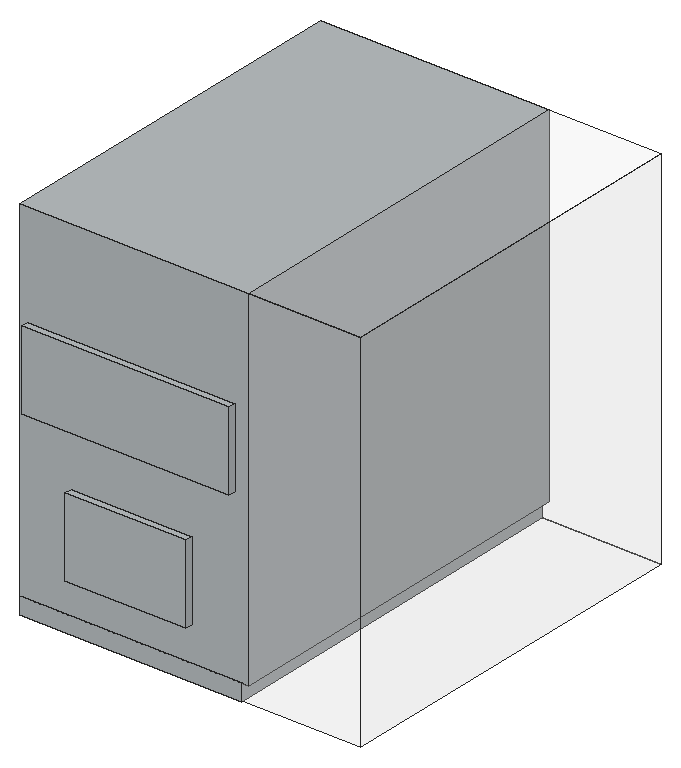
Revit family "lp-500x4-50_50Hz", category 機械設備, Revit 2019
Family settings
  丸型コネクタ寸法 = 直径を使用
  パーツ タイプ = 標準
  OmniClass 番号 = 23.75.10.34.21
  OmniClass タイトル = Heat Exchangers for Ventilation Air
  作業面ベース = いいえ
  常に垂直 = はい
  ロード時にボイドで切り取り = いいえ
  共有 = いいえ
  部屋計算ポイント = はい
Parameters (values of type "LP-500X4-50")
  騒音レベル(dB(A)) = 57.5
  風量 = 5000.0 m³/h
  面風速 = 5.17 m/s
  電源種別 [instance] = ""
  電圧 = 200 V
  電動機出力 = 3.7 W
  集中コントローラ = ""
  運転質量 = 0.00 kg
  連動 [instance] = ""
  質量 = if(製品質量 > 運転質量, 製品質量, 運転質量) * 1.2  # 786.00 kg
  負荷分類 = 3_ファン類
  説明 = "設備用ロスナイ ビル用ロスナイパック形"
  設計風量 = 0.0 m³/h
  設置方法 = "床置形"
  記号 [instance] = ""
  製造元 = "三菱電機株式会社"
  製品質量 = 655.00 kg
  製品出荷対象 = "国内"
  製品リリース年月 = "2018/7/25"
  製品グループ = ""
  系統 [instance] = ""
  符号 = "HEU"
  積算_科目 = "1 空気調和設備"
  積算_拾い区分 [instance] = ""
  相 = 3
  盤記号 [instance] = ""
  発停方法 [instance] = ""
  特殊仕様 [instance] = ""
  火災停止 [instance] = ""
  温度交換効率 = 77.00%
  消費電力 = 5600 W
  法定耐用年数 = "15"
  機外静圧_排気 = 380.0 Pa
  機外静圧 = 380.0 Pa
  極数 = 3
  材質 [instance] = ""
  本体固定用穴ピッチ2 = 565 mm
  本体固定用穴ピッチ1 = 1930 mm
  本体固定用穴_径 = 20 mm
  本体マテリアル = 溶融亜鉛めっき鋼板
  操作・制御方式 = ""
  操作・制御スイッチ = ""
  排気量 = 0.0 m³/h
  形式 = "床置形"
  幹線記号 [instance] = ""
  対象室 [instance] = ""
  実風量 = 0.0 m³/h
  始動方式 [instance] = "直入"
  外気量 = 0.0 m³/h
  呼称 = "全熱交換ユニット"
  周波数 = 50 Hz
  参照している仕様書等のバージョン = "公共建築工事標準仕様書（機械設備工事編）平成31年度版"
  初期抵抗 = 0.0 Pa
  分類コード = "50052504100050"
  分類グループ = ""
  価格 = 6217000
  企業コード = "108420"
  付属品_フィルター_還気 = ""
  付属品_フィルター = ""
  付属品 [instance] = ""
  仕様書バージョン = "Version1.0"
  モデル = "LP-500X4-50"
  メンテナンススペース = yes
  コメント [instance] = ""
  Keynote = ""
  エンタルピ交換効率_暖房 = 66.00%
  エンタルピ交換効率_冷房 = 60.00%
  Assembly Code = ""
  Width = 1218 mm
  W1 = 1180 mm
  Version = ""
  Uniclass2015Version = "Systems v1.9"
  Uniclass2015Title = "Thermal wheels"
  Uniclass2015Code = "Pr_60_60_36_88"
  URL = "https://www.mitsubishielectric.co.jp/ldg/wink/ssl/displayProduct.do?pid=294064"
  SpecificationReference = ""
  SpecificationDescription = ""
  SAサイズ_W = 640 mm
  SAサイズ_D = 420 mm
  Revision = ""
  RAダクト接続_通常 = yes
  RAダクト接続_変更2 = no
  RAダクト接続_変更1 = no
  RAサイズ_W = 1100 mm
  RAサイズ_D = 420 mm
  ProductInformation = ""
  OmniClassCode = "23-27 23 19 11"
  OAダクト接続_通常 = yes
  OAダクト接続_変更2 = no
  OAダクト接続_変更1 = no
  OAサイズ_W = 1100 mm
  OAサイズ_D = 420 mm
  MIN風量 = 0.0 m³/h
  MIN静圧 = 0.0 Pa
  MID風量 = 0.0 m³/h
  MID静圧 = 0.0 Pa
  MAX風量 = 5000.0 m³/h
  MAX静圧 = 380.0 Pa
  IfcTypeProduct = ""
  IfcProduct = ""
  IfcExportType = "ROTARYWHEEL"
  IfcExportAs = "IfcAirToAirHeatRecoveryType"
  Height = 1870 mm
  H1 = 90 mm
  EAサイズ_W = 640 mm
  EAサイズ_D = 420 mm
  Duct_SA_W = 273 mm
  Duct_SA_H = 274 mm
  Duct_RA_W = 43 mm
  Duct_RA_H = 296 mm
  Duct_RA_D = 49 mm
  Duct_Pitch1 = 80 mm
  Duct_OA_W = 43 mm
  Duct_OA_H = 296 mm
  Duct_OA_D = 49 mm
  Duct_Height = 41 mm
  Duct_EA_W = 273 mm
  Duct_EA_H = 274 mm
  Depth = 2000 mm
  D1 = 2000 mm
  Clearance Top = 0 mm
  Clearance Right = 600 mm
  Clearance Left = 0 mm
  Clearance Front = 0 mm
  Clearance Bottom = 0 mm
  Clearance Back = 0 mm
  Author = "三菱電機株式会社"
Reference planes
  plane 1 "中心(正面/背面)": y = 0
  plane 2: z = 0
  plane 3 "中心(左/右)": x = 0
  plane 4: x = 590
  plane 5: x = 628
  plane 6: y = 1000
  plane 7: y = 1000
  plane 8: y = -1000
  plane 9: y = -1000
  plane 10: x = -590
  plane 11: x = -590
  plane 12: y = 741
  plane 13: y = -741
  plane 14: y = -531
  plane 15: y = -951
  plane 16: y = 951
  plane 17: y = 531
  plane 18: x = -547
  plane 19: x = 553
  plane 20: z = 90
  plane 21: z = 1960
  plane 22: z = 2001
  plane 23: y = 565
  plane 24: y = -565
  plane 25: x = -965
  plane 26: x = 965
  plane 27: x = 1228
  plane 28: x = -590
  plane 29: y = 1000
  plane 30: y = -1000
  plane 31: z = 1960
  plane 32: z = 0
  plane 33: x = -317
  plane 34: x = 323
  plane 35: z = 274
  plane 36: z = 694
  plane 37: z = 990
  plane 38: z = 1410
  plane 39: x = -547
  plane 40: x = 553
  plane 41: y = -1041
  plane 42: y = 1041
  plane 43: x = -317
  plane 44: x = 323
  plane 45: z = 274
  plane 46: z = 694
  plane 47: z = 990
  plane 48: z = 1410
  plane 49: z = 1490
  plane 50: z = 1910
  plane 51: z = 1910
  plane 52: z = 1490
Forms (mm)
  Extrusion 1, solid, material "溶融亜鉛めっき鋼板" <- "本体マテリアル", detail levels fine
    sketch origin (0, 0, 0) x (1, 0, 0) y (0, 1, 0)
      loop
        line (-590, 1000) -> (-590, -1000) -> (628, -1000) -> (628, 1000) -> (-590, 1000)
    from 90 to 1960
  Extrusion 2, solid, material "溶融亜鉛めっき鋼板" <- "本体マテリアル", detail levels fine
    sketch origin (0, 0, 0) x (1, 0, 0) y (0, 1, 0)
      loop
        line (-590, 1000) -> (-590, -1000) -> (590, -1000) -> (590, 1000) -> (-590, 1000)
    from 0 to 90
  Extrusion 3, solid, material "溶融亜鉛めっき鋼板" <- "本体マテリアル", visible <- "RAダクト接続_変更1", detail levels fine
    sketch origin (0, 0, 0) x (1, 0, 0) y (0, 1, 0)
      loop
        line (-547, -951) -> (553, -951) -> (553, -531) -> (-547, -531) -> (-547, -951)
    from 1960 to 2001
  Extrusion 4, solid, material "溶融亜鉛めっき鋼板" <- "本体マテリアル", visible <- "OAダクト接続_変更1", detail levels fine
    sketch origin (0, 0, 0) x (1, 0, 0) y (0, 1, 0)
      loop
        line (-547, 951) -> (-547, 531) -> (553, 531) -> (553, 951) -> (-547, 951)
    from 1960 to 2001
  Extrusion 5, solid, material "溶融亜鉛めっき鋼板" <- "本体マテリアル", detail levels fine
    sketch origin (0, 0, 0) x (1, 0, 0) y (0, 0, 1)
      loop
        line (-317, 274) -> (323, 274) -> (323, 694) -> (-317, 694) -> (-317, 274)
    from 1000 to 1041
  Extrusion 6, solid, material "溶融亜鉛めっき鋼板" <- "本体マテリアル", detail levels fine
    sketch origin (0, 0, 0) x (1, 0, 0) y (0, 0, 1)
      loop
        line (323, 694) -> (-317, 694) -> (-317, 274) -> (323, 274) -> (323, 694)
    from -1041 to -1000
  Extrusion 7, solid, material "溶融亜鉛めっき鋼板" <- "本体マテリアル", visible <- "OAダクト接続_通常", detail levels fine
    sketch origin (0, -420, 0) x (1, 0, 0) y (0, 0, 1)
      loop
        line (-547, 990) -> (553, 990) -> (553, 1410) -> (-547, 1410) -> (-547, 990)
    from -1461 to -1420
  Extrusion 8, solid, material "溶融亜鉛めっき鋼板" <- "本体マテリアル", visible <- "RAダクト接続_通常", detail levels fine
    sketch origin (0, 240, 0) x (1, 0, 0) y (0, 0, 1)
      loop
        line (-547, 1410) -> (-547, 990) -> (553, 990) -> (553, 1410) -> (-547, 1410)
    from 1240 to 1281
  Extrusion 9, solid, material "溶融亜鉛めっき鋼板" <- "本体マテリアル", visible <- "OAダクト接続_変更2", detail levels fine
    sketch origin (0, 0, 0) x (1, 0, 0) y (0, 0, 1)
      loop
        line (553, 1490) -> (553, 1910) -> (-547, 1910) -> (-547, 1490) -> (553, 1490)
    from -1041 to -1000
  Extrusion 10, solid, material "溶融亜鉛めっき鋼板" <- "本体マテリアル", visible <- "RAダクト接続_変更2", detail levels fine
    sketch origin (0, 0, 0) x (1, 0, 0) y (0, 0, 1)
      loop
        line (553, 1490) -> (553, 1910) -> (-547, 1910) -> (-547, 1490) -> (553, 1490)
    from 1000 to 1041
Lines and regions (mm)
  Masking region 1, detail levels coarse+medium
    outline origin (1331.5, 88, 0) x (1, 0, 0) y (0, 1, 0)
      loop
        line (-1921.5, 912) -> (-1921.5, -1088) -> (-741.5, -1088) -> (-741.5, 912) -> (-1921.5, 912)
  symbolic lines, detail levels coarse+medium
    curve 1: line (0, 1000, 0) -> (-590, 0, 0)
    curve 2: line (-590, 0, 0) -> (0, -1000, 0)
    curve 3: line (0, -1000, 0) -> (590, 0, 0)
    curve 4: line (0, 1000, 0) -> (590, 0, 0)
Dimensions and locks
  equal spacing: plane 10, plane 3 "中心(左/右)", plane 4
  "W1": plane 10 to plane 4
  "Width": plane 11 to plane 5
  equal spacing: plane 7, plane 1 "中心(正面/背面)", plane 9
  "D1": plane 7 to plane 9
  equal spacing: plane 6, plane 1 "中心(正面/背面)", plane 8
  "Depth": plane 6 to plane 8
  equal spacing: plane 15, plane 13, plane 14
  "RAサイズ_D": plane 15 to plane 14
  equal spacing: plane 17, plane 12, plane 16
  "OAサイズ_D": plane 17 to plane 16
  "RAサイズ_W": plane 18 to plane 19
  locked: plane 11 to plane 10 at 0
  "H1": plane 20 to level
  "Height": plane 21 to plane 20
  "Duct_Height": plane 22 to plane 21
  "本体固定用穴ピッチ2": plane 1 "中心(正面/背面)" to plane 23
  "本体固定用穴ピッチ2": plane 24 to plane 1 "中心(正面/背面)"
  equal spacing: plane 25, plane 3 "中心(左/右)", plane 26
  "本体固定用穴ピッチ1": plane 25 to plane 26
  "Clearance Right": plane 5 to plane 27
  "Clearance Left": plane 28 to plane 11
  "Clearance Back": plane 29 to plane 6
  "Clearance Front": plane 8 to plane 30
  "Clearance Top": plane 31 to plane 21
  "Clearance Bottom": level to plane 32
  "Duct_RA_D": plane 8 to plane 15
  "Duct_OA_D": plane 6 to plane 16
  "Duct_SA_H": plane 35 to level
  "SAサイズ_D": plane 36 to plane 35
  "Duct_RA_H": plane 37 to plane 36
  "RAサイズ_D": plane 38 to plane 37
  "OAサイズ_W": plane 39 to plane 40
  "Duct_OA_W": plane 11 to plane 39
  "Duct_RA_W": plane 11 to plane 18
  "Duct_Height": plane 8 to plane 41
  "SAサイズ_W": plane 34 to plane 33
  "Duct_Height": plane 42 to plane 6
  "Duct_SA_W": plane 33 to plane 11
  "EAサイズ_D": plane 46 to plane 45
  "Duct_EA_H": plane 45 to level
  "Duct_EA_W": plane 43 to plane 11
  "EAサイズ_W": plane 44 to plane 43
  "OAサイズ_D": plane 48 to plane 47
  "Duct_OA_H": plane 47 to plane 46
  "Duct_Pitch1": plane 49 to plane 38
  "RAサイズ_D": plane 50 to plane 49
  "Duct_Pitch1": plane 52 to plane 48
  "OAサイズ_D": plane 51 to plane 52
  aligned and locked: level to plane 2
  aligned and locked: Extrusion 1 sketch curve to plane 6
  aligned and locked: plane 10 to Extrusion 1 sketch curve
  aligned and locked: Extrusion 1 sketch curve to plane 8
  aligned and locked: Extrusion 2 sketch curve to plane 7
  aligned and locked: plane 11 to Extrusion 2 sketch curve
  aligned and locked: Extrusion 2 sketch curve to plane 9
  aligned and locked: plane 15 to Extrusion 3 sketch curve
  aligned and locked: Extrusion 3 sketch curve to plane 18
  aligned and locked: plane 14 to Extrusion 3 sketch curve
  aligned and locked: Extrusion 3 sketch curve to plane 19
  aligned and locked: plane 9 to Masking region 1
  aligned and locked: Masking region 1 to plane 11
  aligned and locked: plane 7 to Masking region 1
  aligned and locked: Masking region 1 to curve 1
  aligned and locked: Masking region 1 to curve 2
  aligned and locked: plane 20 to Extrusion 2
  aligned and locked: plane 21 to Extrusion 1
  aligned and locked: Extrusion 1 to plane 20
  aligned and locked: plane 22 to Extrusion 3
  aligned and locked: Extrusion 3 to plane 21
  aligned and locked: plane 27 to nested 1
  aligned and locked: nested 1 to plane 30
  aligned and locked: nested 1 to plane 29
  aligned and locked: nested 1 to plane 31
  aligned and locked: nested 1 to plane 32
  aligned and locked: plane 9 to curve 2
  aligned and locked: plane 3 "中心(左/右)" to curve 3
  aligned and locked: plane 4 to curve 3
  aligned and locked: plane 3 "中心(左/右)" to curve 4
  aligned and locked: plane 1 "中心(正面/背面)" to curve 4
  aligned and locked: nested 2 to plane 24
  aligned and locked: plane 25 to nested 2
  aligned and locked: nested 2 to plane 26
  aligned and locked: plane 25 to nested 3
  aligned and locked: nested 3 to plane 26
  aligned and locked: plane 1 "中心(正面/背面)" to nested 3
  aligned and locked: plane 25 to nested 4
  aligned and locked: nested 4 to plane 26
  aligned and locked: nested 4 to plane 23
  aligned and locked: nested 1 to plane 28
  aligned and locked: Masking region 1 to plane 4
  aligned and locked: plane 4 to Extrusion 2 sketch curve
  aligned and locked: plane 5 to Extrusion 1 sketch curve
  aligned and locked: Extrusion 4 sketch curve to plane 16
  aligned and locked: plane 18 to Extrusion 4 sketch curve
  aligned and locked: Extrusion 4 sketch curve to plane 17
  aligned and locked: plane 22 to Extrusion 4
  aligned and locked: Extrusion 4 to plane 21
  aligned and locked: Extrusion 5 sketch curve to plane 35
  aligned and locked: Extrusion 5 sketch curve to plane 33
  aligned and locked: plane 36 to Extrusion 5 sketch curve
  aligned and locked: Extrusion 5 sketch curve to plane 34
  aligned and locked: Extrusion 5 to plane 41
  aligned and locked: Extrusion 5 to plane 8
  aligned and locked: Extrusion 6 to plane 42
  aligned and locked: Extrusion 6 to plane 6
  aligned and locked: Extrusion 7 to plane 42
  aligned and locked: Extrusion 7 to plane 6
  aligned and locked: Extrusion 8 sketch curve to plane 38
  aligned and locked: plane 18 to Extrusion 8 sketch curve
  aligned and locked: Extrusion 8 sketch curve to plane 37
  aligned and locked: plane 19 to Extrusion 8 sketch curve
  aligned and locked: Extrusion 8 to plane 41
  aligned and locked: Extrusion 8 to plane 8
  aligned and locked: plane 46 to Extrusion 6 sketch curve
  aligned and locked: plane 44 to Extrusion 6 sketch curve
  aligned and locked: Extrusion 6 sketch curve to plane 45
  aligned and locked: Extrusion 6 sketch curve to plane 43
  aligned and locked: Extrusion 7 sketch curve to plane 47
  aligned and locked: Extrusion 7 sketch curve to plane 18
  aligned and locked: plane 48 to Extrusion 7 sketch curve
  aligned and locked: plane 40 to Extrusion 4 sketch curve
  aligned and locked: Extrusion 7 sketch curve to plane 40
  aligned and locked: plane 52 to Extrusion 9 sketch curve
  aligned and locked: plane 40 to Extrusion 9 sketch curve
  aligned and locked: Extrusion 9 sketch curve to plane 51
  aligned and locked: Extrusion 9 to plane 42
  aligned and locked: Extrusion 9 to plane 6
  aligned and locked: Extrusion 10 sketch curve to plane 49
  aligned and locked: plane 19 to Extrusion 10 sketch curve
  aligned and locked: Extrusion 10 sketch curve to plane 50
  aligned and locked: plane 18 to Extrusion 10 sketch curve
  aligned and locked: plane 39 to Extrusion 9 sketch curve
  aligned and locked: Extrusion 10 to plane 41
  aligned and locked: Extrusion 10 to plane 8
Automatic sketch dimensions
  plane 1 "中心(正面/背面)" to curve 1 = 0 mm
  curve 1 to plane 10 = 0 mm
  curve 4 to plane 7 = 0 mm
  plane 9 to Masking region 1 sketch curve = 0 mm
  Masking region 1 sketch curve to plane 10 = 0 mm
  Masking region 1 sketch curve to plane 4 = 0 mm
  Masking region 1 sketch curve to plane 7 = 0 mm
Nested families
  nested 1: "メンテナンススペース" at (319, 0, 980), visible <- "メンテナンススペース", type "メンテナンススペース"
    with Width 1818 mm, Height 1960 mm, Depth 2000 mm
  nested 2: "固定点" at (-965, -565, 0), type "固定点"
    with W 1930 mm, D 1000 mm
  nested 3: "固定点" at (-965, 0, 0), type "固定点"
    with W 1930 mm, D 1000 mm
  nested 4: "固定点" at (-965, 565, 0), type "固定点"
    with W 1930 mm, D 1000 mm
Connectors
  electrical at (628, 0, 1025), driven by "極数", driven by "負荷分類", driven by "電圧", driven by "消費電力"
    settings: on Extrusion 1, index 5, voltage 200 V, apparent load 5600 VA, apparent load phase1 0 VA, apparent load phase2 0 VA, apparent load phase3 0 VA, power factor 1, load classification "3_ファン類", number of poles 3, system type 30, power factor state 1, is connector primary yes, connector utility no, sub classification motor no, connector description ""
  hvac at (3, -1041, 484), driven by "SAサイズ_D", driven by "SAサイズ_W", driven by "機外静圧", driven by "風量"
    settings: on Extrusion 5, index 6, duct flow 5000.0 m³/h, flow factor 0, pres drop 380.0 Pa, loss coef 0, conn angle 0.00°, conn width 640 mm, conn height 420 mm, conn diameter 609.6 mm, duct sys type 1, conn prof type 1, flow config 0, flow direction 2, loss method 4, conn ref index -1, conn util no, is conn primary yes, conn desc ""
  hvac at (3, -1041, 1200), driven by "RAサイズ_D", driven by "RAサイズ_W", driven by "機外静圧", driven by "風量"
    settings: on Extrusion 8, index 8, duct flow 5000.0 m³/h, flow factor 0, pres drop 380.0 Pa, loss coef 0, conn angle 0.00°, conn width 1100 mm, conn height 420 mm, conn diameter 609.6 mm, duct sys type 2, conn prof type 1, flow config 0, flow direction 1, loss method 4, conn ref index -1, conn util no, is conn primary no, conn desc ""
  hvac at (3, -741, 2001), driven by "RAサイズ_D", driven by "RAサイズ_W"
    settings: on Extrusion 3, index 9, duct flow 0.0 m³/h, flow factor 0, pres drop 0.0 Pa, loss coef 0, conn angle 0.00°, conn width 1100 mm, conn height 420 mm, conn diameter 609.6 mm, duct sys type 2, conn prof type 1, flow config 0, flow direction 1, loss method 4, conn ref index -1, conn util no, is conn primary no, conn desc ""
  hvac at (3, 741, 2001), driven by "OAサイズ_D", driven by "OAサイズ_W", driven by "機外静圧", driven by "風量"
    settings: on Extrusion 4, index 10, duct flow 5000.0 m³/h, flow factor 0, pres drop 380.0 Pa, loss coef 0, conn angle 0.00°, conn width 1100 mm, conn height 420 mm, conn diameter 609.6 mm, duct sys type 4, conn prof type 1, flow config 0, flow direction 1, loss method 4, conn ref index -1, conn util no, is conn primary no, conn desc ""
  hvac at (3, 1041, 1200), driven by "OAサイズ_D", driven by "OAサイズ_W", driven by "機外静圧", driven by "風量"
    settings: on Extrusion 7, index 11, duct flow 5000.0 m³/h, flow factor 0, pres drop 380.0 Pa, loss coef 0, conn angle 0.00°, conn width 1100 mm, conn height 420 mm, conn diameter 609.6 mm, duct sys type 4, conn prof type 1, flow config 0, flow direction 1, loss method 4, conn ref index -1, conn util no, is conn primary no, conn desc ""
  hvac at (3, 1041, 484), driven by "EAサイズ_D", driven by "EAサイズ_W", driven by "機外静圧_排気", driven by "排気量"
    settings: on Extrusion 6, index 12, duct flow 0.0 m³/h, flow factor 0, pres drop 380.0 Pa, loss coef 0, conn angle 0.00°, conn width 640 mm, conn height 420 mm, conn diameter 609.6 mm, duct sys type 3, conn prof type 1, flow config 0, flow direction 2, loss method 4, conn ref index -1, conn util no, is conn primary no, conn desc ""
  hvac at (3, -1041, 1700), driven by "RAサイズ_D", driven by "RAサイズ_W", driven by "機外静圧", driven by "風量"
    settings: on Extrusion 10, index 13, duct flow 5000.0 m³/h, flow factor 0, pres drop 380.0 Pa, loss coef 0, conn angle 0.00°, conn width 1100 mm, conn height 420 mm, conn diameter 609.6 mm, duct sys type 2, conn prof type 1, flow config 0, flow direction 1, loss method 4, conn ref index -1, conn util no, is conn primary no, conn desc ""
  hvac at (3, 1041, 1700), driven by "OAサイズ_D", driven by "OAサイズ_W", driven by "機外静圧", driven by "風量"
    settings: on Extrusion 9, index 14, duct flow 5000.0 m³/h, flow factor 0, pres drop 380.0 Pa, loss coef 0, conn angle 0.00°, conn width 1100 mm, conn height 420 mm, conn diameter 609.6 mm, duct sys type 4, conn prof type 1, flow config 0, flow direction 1, loss method 4, conn ref index -1, conn util no, is conn primary no, conn desc ""
Definition of nested family "メンテナンススペース"
  Parameters (values of type "メンテナンススペース")
    Width [instance] = 500 mm
    Height [instance] = 500 mm
    Depth [instance] = 500 mm
  Reference planes
    plane 1 "中心(正面/背面)": y = 0
    plane 2: z = 0
    plane 3 "中心(左/右)": x = 0
    plane 4: y = -250
    plane 5: x = 250
    plane 6: y = 250
    plane 7: x = -250
    plane 8: z = 250
    plane 9: z = -250
  Forms (mm)
    Extrusion 1, solid
      sketch origin (-638.939, 0, 72.39) x (1, 0, 0) y (0, 1, 0)
        loop
          line (388.939, 250) -> (388.939, -250) -> (888.939, -250) -> (888.939, 250) -> (388.939, 250)
      from -322.39 to 177.61
  Lines and regions (mm)
    symbolic lines
      curve 1: line (-250, 0, 250) -> (250, 0, 250)
      curve 2: line (-250, 0, -250) -> (-250, 0, 250)
      curve 3: line (250, 0, -250) -> (-250, 0, -250)
      curve 4: line (250, 0, 250) -> (250, 0, -250)
      curve 5: line (0, -250, 250) -> (0, 250, 250)
      curve 6: line (0, -250, -250) -> (0, -250, 250)
      curve 7: line (0, 250, -250) -> (0, -250, -250)
      curve 8: line (0, 250, 250) -> (0, 250, -250)
      curve 9: line (-250, 250, 0) -> (250, 250, 0)
      curve 10: line (-250, -250, 0) -> (-250, 250, 0)
      curve 11: line (250, -250, 0) -> (-250, -250, 0)
      curve 12: line (250, 250, 0) -> (250, -250, 0)
  Dimensions and locks
    equal spacing: plane 7, plane 3 "中心(左/右)", plane 5
    equal spacing: plane 4, plane 1 "中心(正面/背面)", plane 6
    "Depth": plane 4 to plane 6
    "Width": plane 7 to plane 5
    equal spacing: plane 8, plane 2, plane 9
    "Height": plane 8 to plane 9
    aligned and locked: plane 9 to curve 3
    aligned and locked: plane 7 to curve 2
    aligned and locked: curve 4 to plane 5
    aligned and locked: plane 5 to Extrusion 1
    aligned and locked: Extrusion 1 to plane 7
    aligned and locked: Extrusion 1 to plane 9
    aligned and locked: plane 8 to Extrusion 1
    aligned and locked: plane 9 to curve 7
  Automatic sketch dimensions
    plane 4 to Extrusion 1 sketch curve = 0 mm
    Extrusion 1 sketch curve to plane 7 = 0 mm
    Extrusion 1 sketch curve to plane 5 = 0 mm
    plane 6 to Extrusion 1 sketch curve = 0 mm
    curve 2 to plane 8 = 0 mm
    plane 4 to curve 11 = 0 mm
    curve 11 to plane 7 = 0 mm
    curve 11 to plane 5 = 0 mm
    plane 6 to curve 10 = 0 mm
    curve 7 to plane 4 = 0 mm
    curve 7 to plane 6 = 0 mm
    curve 6 to plane 8 = 0 mm
Definition of nested family "固定点"
  Parameters (values of type "固定点")
    中心円 = 20 mm
    W [instance] = 1000 mm
    D [instance] = 1000 mm
  Reference planes
    plane 1 "中心(正面/背面)": y = 0
    plane 2: z = 0
    plane 3 "中心(左/右)": x = 0
    plane 4: x = 1000
  Lines and regions (mm)
    symbolic lines, detail levels fine
      curve 1: circle (0, 0, 0) r 10 normal (0, 0, 1)
      curve 2: circle (1000, 0, 0) r 10 normal (0, 0, 1)
      curve 3: line (-200, 0, 0) -> (1200, 0, 0)
      curve 4: line (0, 200, 0) -> (0, -200, 0)
      curve 5: line (1000, 200, 0) -> (1000, -200, 0)
  Dimensions and locks
    "W": plane 3 "中心(左/右)" to plane 4
    "中心円": diameter of curve 1
    "中心円": diameter of curve 2
    aligned and locked: level to plane 2
    aligned and locked: plane 3 "中心(左/右)" to curve 1
    aligned and locked: plane 1 "中心(正面/背面)" to curve 1
    aligned and locked: plane 1 "中心(正面/背面)" to curve 2
    aligned and locked: plane 4 to curve 2
    aligned and locked: plane 1 "中心(正面/背面)" to curve 3
    aligned and locked: curve 4 to plane 3 "中心(左/右)"
    aligned and locked: curve 5 to plane 4
  Automatic sketch dimensions
    curve 3 to plane 3 "中心(左/右)" = 200 mm
    curve 2 to curve 3 = 200 mm
    plane 1 "中心(正面/背面)" to curve 4 = 200 mm
    plane 1 "中心(正面/背面)" to curve 5 = 200 mm
    curve 5 to plane 1 "中心(正面/背面)" = 200 mm
    curve 4 to plane 1 "中心(正面/背面)" = 200 mm
